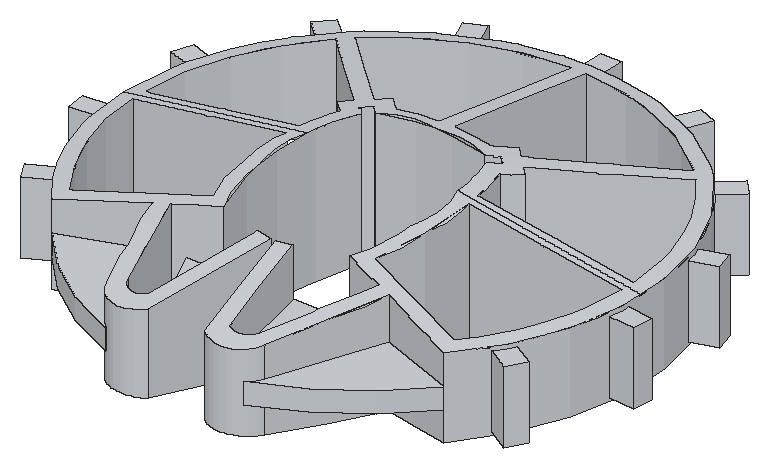
Revit family "Væg-Con Kas 20 14-18", category Generic Models, Revit 2019
Family settings
  Can host rebar = No
  Round Connector Dimension = Use Diameter
  Part Type = Normal
  Work Plane-Based = Yes
  Always vertical = No
  Cut with Voids When Loaded = No
  Shared = No
  Room Calculation Point = No
Parameters
  Website Link = "https://haucon.dk/produkt/vaeg-con-kas/#variations"
  Technical Data Sheet = "https://haucon.dk/wp-content/uploads/2016/04/1011100-VAEG-CON-KAS-TDS-DK.pdf"
  Default Elevation = 1219.2 mm
Reference planes
  plane 1 "Center (Front/Back)": y = 0
  plane 2: z = 0
  plane 3 "Center (Left/Right)": x = 0
Forms (mm)
  Extrusion 1, solid
    sketch origin (0, 0, 0) x (1, 0, 0) y (0, 1, 0)
      loop
        line (-6.079, 4.842) -> (-6.946, 5.709) -> (-6.118, 6.537) -> (-5.284, 5.703)
        arc (-5.284, 5.703) -> (0, 6.268) -> (5.284, 5.703) r 25
        line (5.284, 5.703) -> (6.118, 6.537) -> (6.946, 5.709) -> (6.079, 4.842)
        arc (6.079, 4.842) -> (7.476, -3.4) -> (6.079, -11.642) r 25.004
        line (6.079, -11.642) -> (9.996, -13.065) -> (6.503, -22.678)
        arc (6.503, -22.678) -> (5.373, -23.71) -> (3.88, -23.37) r 1.651
        line (3.88, -23.37) -> (1.682, -12.982) -> (0.241, -13.287) -> (2.689, -24.855)
        arc (2.689, -24.855) -> (5.439, -25.701) -> (7.611, -23.813) r 2.964
        line (7.611, -23.813) -> (11.339, -13.553) -> (18.942, -16.315)
        arc (18.942, -16.315) -> (0, 25) -> (-18.942, -16.315) r 25
        line (-18.942, -16.315) -> (-11.339, -13.553) -> (-7.611, -23.813)
        arc (-7.611, -23.813) -> (-5.439, -25.701) -> (-2.689, -24.855) r 2.964
        line (-2.689, -24.855) -> (-0.241, -13.287) -> (-1.682, -12.982) -> (-3.88, -23.37)
        arc (-3.88, -23.37) -> (-5.373, -23.71) -> (-6.503, -22.678) r 1.651
        line (-6.503, -22.678) -> (-9.996, -13.065) -> (-6.079, -11.642)
        arc (-6.079, -11.642) -> (-7.476, -3.4) -> (-6.079, 4.842) r 25.004
      loop
        arc (-23.58, -0.699) -> (-22.164, -8.076) -> (-18.501, -14.635) r 23.59
        line (-18.501, -14.635) -> (-7.744, -10.726)
        arc (-7.744, -10.726) -> (-8.77, -5.765) -> (-8.775, -0.699) r 25
        line (-8.775, -0.699) -> (-23.58, -0.699)
      loop
        line (-0.682, 7.64) -> (-0.682, 23.58)
        arc (-0.682, 23.58) -> (-9.14, 21.747) -> (-16.367, 16.988) r 23.59
        line (-16.367, 16.988) -> (-7.112, 7.732) -> (-6.101, 8.742) -> (-4.585, 7.226)
        arc (-4.585, 7.226) -> (-2.641, 7.51) -> (-0.682, 7.64) r 25
      loop
        line (-8.122, 6.722) -> (-17.366, 15.966)
        arc (-17.366, 15.966) -> (-21.85, 8.893) -> (-23.58, 0.699) r 23.59
        line (-23.58, 0.699) -> (-8.594, 0.699)
        arc (-8.594, 0.699) -> (-8.219, 2.596) -> (-7.697, 4.458) r 25
        line (-7.697, 4.458) -> (-9.042, 5.802) -> (-8.122, 6.722)
      loop
        arc (0.682, 7.64) -> (2.641, 7.51) -> (4.585, 7.226) r 25
        line (4.585, 7.226) -> (6.101, 8.742) -> (7.112, 7.732) -> (16.367, 16.988)
        arc (16.367, 16.988) -> (9.14, 21.747) -> (0.682, 23.58) r 23.59
        line (0.682, 23.58) -> (0.682, 7.64)
      loop
        line (8.122, 6.722) -> (9.042, 5.802) -> (7.697, 4.458)
        arc (7.697, 4.458) -> (8.219, 2.596) -> (8.594, 0.699) r 25
        line (8.594, 0.699) -> (23.58, 0.699)
        arc (23.58, 0.699) -> (21.85, 8.893) -> (17.366, 15.966) r 23.59
        line (17.366, 15.966) -> (8.122, 6.722)
      loop
        line (23.58, -0.699) -> (8.775, -0.699)
        arc (8.775, -0.699) -> (8.77, -5.765) -> (7.744, -10.726) r 25
        line (7.744, -10.726) -> (18.501, -14.635)
        arc (18.501, -14.635) -> (22.164, -8.076) -> (23.58, -0.699) r 23.59
    from -7.5 to 7.5
  Extrusion 2, solid
    sketch origin (0, 7.5, 0) x (1, 0, 0) y (0, 1, 0)
      loop
        arc (-1.021, 17.47) -> (-0.012, 17.5) -> (0.997, 17.47) r 17.085
        line (0.997, 17.47) -> (0.997, 20) -> (-1.021, 20) -> (-1.021, 17.47)
    from -3.5 to 3.5
  Extrusion 3, solid
    sketch origin (3.051, 6.852, 0) x (0.913545, -0.406737, 0) y (0.406737, 0.913545, 0)
      loop
        arc (-1.021, 17.47) -> (-0.012, 17.5) -> (0.997, 17.47) r 17.085
        line (0.997, 17.47) -> (0.997, 20) -> (-1.021, 20) -> (-1.021, 17.47)
    from -3.5 to 3.5
  Extrusion 4, solid
    sketch origin (-3.051, 6.852, 0) x (0.913545, 0.406737, 0) y (-0.406737, 0.913545, 0)
      loop
        arc (-1.021, 17.47) -> (-0.012, 17.5) -> (0.997, 17.47) r 17.085
        line (0.997, 17.47) -> (0.997, 20) -> (-1.021, 20) -> (-1.021, 17.47)
    from -3.5 to 3.5
  Extrusion 5, solid
    sketch origin (-5.574, 5.018, 0) x (0.669131, 0.743145, 0) y (-0.743145, 0.669131, 0)
      loop
        arc (-1.021, 17.47) -> (-0.012, 17.5) -> (0.997, 17.47) r 17.085
        line (0.997, 17.47) -> (0.997, 20) -> (-1.021, 20) -> (-1.021, 17.47)
    from -3.5 to 3.5
  Extrusion 6, solid
    sketch origin (-7.133, 2.318, 0) x (0.309017, 0.951057, 0) y (-0.951057, 0.309017, 0)
      loop
        arc (-1.021, 17.47) -> (-0.012, 17.5) -> (0.997, 17.47) r 17.085
        line (0.997, 17.47) -> (0.997, 20) -> (-1.021, 20) -> (-1.021, 17.47)
    from -3.5 to 3.5
  Extrusion 7, solid
    sketch origin (-7.459, -0.784, 0) x (-0.104528, 0.994522, 0) y (-0.994522, -0.104528, 0)
      loop
        arc (-1.021, 17.47) -> (-0.012, 17.5) -> (0.997, 17.47) r 17.085
        line (0.997, 17.47) -> (0.997, 20) -> (-1.021, 20) -> (-1.021, 17.47)
    from -3.5 to 3.5
  Extrusion 8, solid
    sketch origin (-6.495, -3.75, 0) x (-0.5, 0.866025, 0) y (-0.866025, -0.5, 0)
      loop
        arc (-1.021, 17.47) -> (-0.012, 17.5) -> (0.997, 17.47) r 17.085
        line (0.997, 17.47) -> (0.997, 20) -> (-1.021, 20) -> (-1.021, 17.47)
    from -3.5 to 3.5
  Extrusion 9, solid
    sketch origin (6.495, -3.75, 0) x (-0.5, -0.866025, 0) y (0.866025, -0.5, 0)
      loop
        arc (-1.021, 17.47) -> (-0.012, 17.5) -> (0.997, 17.47) r 17.085
        line (0.997, 17.47) -> (0.997, 20) -> (-1.021, 20) -> (-1.021, 17.47)
    from -3.5 to 3.5
  Extrusion 10, solid
    sketch origin (7.459, -0.784, 0) x (-0.104528, -0.994522, 0) y (0.994522, -0.104528, 0)
      loop
        arc (-1.021, 17.47) -> (-0.012, 17.5) -> (0.997, 17.47) r 17.085
        line (0.997, 17.47) -> (0.997, 20) -> (-1.021, 20) -> (-1.021, 17.47)
    from -3.5 to 3.5
  Extrusion 11, solid
    sketch origin (7.133, 2.318, 0) x (0.309017, -0.951057, 0) y (0.951057, 0.309017, 0)
      loop
        arc (-1.021, 17.47) -> (-0.012, 17.5) -> (0.997, 17.47) r 17.085
        line (0.997, 17.47) -> (0.997, 20) -> (-1.021, 20) -> (-1.021, 17.47)
    from -3.5 to 3.5
  Extrusion 12, solid
    sketch origin (5.574, 5.018, 0) x (0.669131, -0.743145, 0) y (0.743145, 0.669131, 0)
      loop
        arc (-1.021, 17.47) -> (-0.012, 17.5) -> (0.997, 17.47) r 17.085
        line (0.997, 17.47) -> (0.997, 20) -> (-1.021, 20) -> (-1.021, 17.47)
    from -3.5 to 3.5
  Sweep 13, void
    path origin (0, 0, 0) x (1, 0, 0) y (0, 1, 0)
      loop
        circle (0, 0) r 10
    profile origin (0, 10, 0) x (0, -1, 0) y (0, 0, 1)
      loop
        line (-17.457, 3.507) -> (8.698, 7.5) -> (-17.457, 7.5) -> (-17.457, 3.507)
  Sweep 14, void
    path origin (0, 0, 0) x (0, -1, 0) y (1, 0, 0)
      loop
        circle (0, 0) r 10
    profile origin (0, 10, 0) x (0, -1, 0) y (0, 0, 1)
      loop
        line (-17.47, -3.5) -> (-17.47, -7.5) -> (8.698, -7.5) -> (-17.47, -3.5)
  Extrusion 15, solid
    sketch origin (0, 0, 0) x (1, 0, 0) y (0, 1, 0)
      loop
        arc (-18.942, -16.315) -> (-13.377, -21.638) -> (-6.554, -25.209) r 27.504
        line (-6.554, -25.209) -> (-11.339, -13.553) -> (-18.942, -16.315)
      loop
        line (-1.682, -12.982) -> (-8.546, -12.982) -> (-3.88, -23.37) -> (-1.682, -12.982)
      loop
        line (18.942, -16.315) -> (11.339, -13.553) -> (6.554, -25.209)
        arc (6.554, -25.209) -> (13.377, -21.638) -> (18.942, -16.315) r 27.504
      loop
        line (1.682, -12.982) -> (3.88, -23.37) -> (8.546, -12.982) -> (1.682, -12.982)
    from -1 to 1
Cuts and joins
  Sweep 13, Sweep 14 cuts Extrusion 1
  Sweep 14 cuts Extrusion 3
  Sweep 14 cuts Extrusion 4
  Sweep 14 cuts Extrusion 5
  Sweep 14 cuts Extrusion 6
  Sweep 14 cuts Extrusion 7
  Sweep 14 cuts Extrusion 8
  Sweep 14 cuts Extrusion 9
  Sweep 14 cuts Extrusion 10
  Sweep 14 cuts Extrusion 11
  Sweep 14 cuts Extrusion 12
Dimensions and locks
  aligned and locked: level to plane 2
